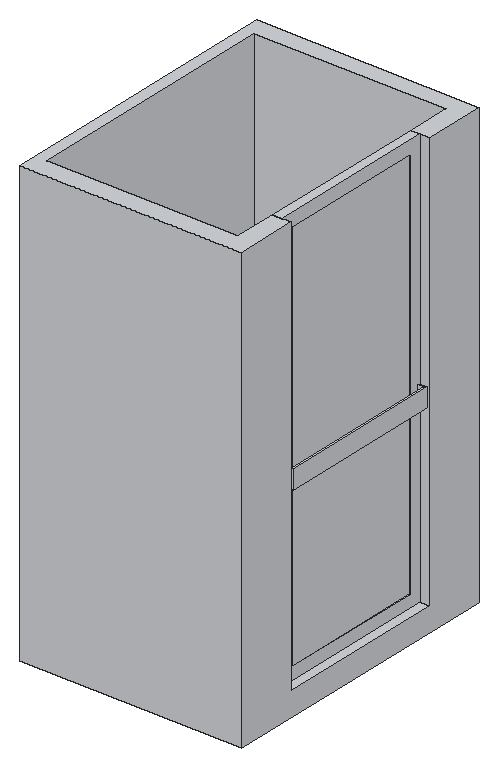
Revit family "880bd7be1d4c4a7f93912e16982e6f9e", category Plumbing Fixtures, Revit 2021
Family settings
  Round Connector Dimension = Use Radius
  Part Type = Normal
  OmniClass Number = 23.45.05.14.21.11
  OmniClass Title = Bath/Shower Units
  Seek Item ID = Shower Stall with Seat - Rectangular-0000-USA-ENU
  Work Plane-Based = No
  Always vertical = Yes
  Cut with Voids When Loaded = No
  Shared = No
  Room Calculation Point = No
Parameters (values of type "48"x36" - Public")
  WFU = 2
  Shower Width = 4' - 0"
  Shower Stall Material = none
  Shower Length = 3' - 0"
  Shower Height = 6' - 0"
  Sanitary Radius = 1"
  Sanitary Diameter = 2 * Sanitary Radius  # 2"
  Hot Water Radius = 1/4"
  Hot Water Diameter = 2 * Hot Water Radius  # 1/2"
  Handle Height = 3' - 0"
  Half Door Width = 1 / 2 * Door Width  # 1' - 2"
  HWFU = 3
  Flow Pressure [instance] = 8.00 psi
  Door Width = 2' - 4"
  Door Material = none
  Door Handel Material = none
  Default Elevation = 0' - 0"
  Cold Water Radius = 1/4"
  Cold Water Diameter = 2 * Cold Water Radius  # 1/2"
  CWFU = 3
Types (3): name | HWFU | CWFU
  (no name) | 3 | 3
  48"x36" - Private | 1 | 1
  48"x36" - Public | 3 | 3
Reference planes (in)
  plane 1 "Center (Front/Back)": y = 0
  plane 2: z = 0
  plane 3 "Center (Left/Right)": x = 0
  plane 4: x = 36
  plane 5: y = 48
  plane 6: z = 72
  plane 7: x = 2
  plane 8: y = 45
  plane 9: y = 3
  plane 10: z = 4
  plane 11: x = 34.5
  plane 12: x = 33
  plane 13: z = 70
  plane 14: z = 6
  plane 15: y = 24
  plane 16: y = 38
  plane 17: y = 10
  plane 18: y = 12
  plane 19: y = 36
  plane 20: x = 34.25
  plane 21: x = 33.75
  plane 22: z = 36
  plane 23: z = 33
  plane 24: y = 37.5
  plane 25: y = 10.5
  plane 26: y = 37.25
  plane 27: x = 35.75
  plane 28: y = 10.75
  plane 29: x = 21.25
  plane 30: x = 9.5
  plane 31: z = 24
  plane 32: x = 20.25
  plane 33: x = 22.25
  plane 34: z = 36
  plane 35: y = 28.5
  plane 36: y = 19.5
Forms (in)
  Extrusion 1, solid, material <- "Shower Stall Material"
    sketch origin (0, 0, 0) x (1, 0, 0) y (0, 1, 0)
      loop
        line (0, 48) -> (0, 0) -> (36, 0) -> (36, 48) -> (0, 48)
    from 0 to 72
  Extrusion 2, void
    sketch origin (0, 0, 0) x (1, 0, 0) y (0, 1, 0)
      loop
        line (2, 45) -> (2, 3) -> (36, 3) -> (36, 45) -> (2, 45)
    from 4 to 72
  Extrusion 3, solid, material <- "Shower Stall Material"
    sketch origin (0, 0, 0) x (1, 0, 0) y (0, 1, 0)
      loop
        line (33, 48) -> (33, 38) -> (36, 38) -> (36, 48) -> (33, 48)
      loop
        line (33, 10) -> (33, 0) -> (36, 0) -> (36, 10) -> (33, 10)
    from 0 to 72
  Extrusion 4, solid, material <- "Shower Stall Material"
    sketch origin (0, 0, 0) x (0, 1, 0) y (0, 0, 1)
      loop
        line (10, 72) -> (10, 4) -> (38, 4) -> (38, 72) -> (10, 72)
      loop
        line (12, 70) -> (12, 6) -> (36, 6) -> (36, 70) -> (12, 70)
    from 33 to 34.5
  Extrusion 5, solid, material <- "Door Material"
    sketch origin (0, 0, 0) x (1, 0, 0) y (0, 1, 0)
      loop
        line (34.25, 36) -> (33.75, 36) -> (33.75, 12) -> (34.25, 12) -> (34.25, 36)
    from 6 to 70
  Extrusion 6, solid, material <- "Door Handel Material"
    sketch origin (0, 0, 0) x (1, 0, 0) y (0, 1, 0)
      loop
        line (34.5, 37.5) -> (34.5, 37.25) -> (35.75, 37.25) -> (35.75, 10.75) -> (34.5, 10.75) -> (34.5, 10.5) -> (36, 10.5) -> (36, 37.5) -> (34.5, 37.5)
    from 33 to 36
  Extrusion 7, solid, material <- "Shower Stall Material"
    sketch origin (0, 0, 0) x (1, 0, 0) y (0, 1, 0)
      loop
        circle (21.25, 24) r 1.25
    from 0 to 4
  Extrusion 8, solid, material <- "Shower Stall Material"
    sketch origin (0, 0, 0) x (1, 0, 0) y (0, 0, 1)
      loop
        arc (4, 24) -> (2.58579, 24.58579) -> (2, 26) r 2
        line (2, 26) -> (2, 33) -> (0, 33) -> (0, 4) -> (9.5, 4) -> (9.5, 22)
        arc (9.5, 22) -> (8.91421, 23.41421) -> (7.5, 24) r 2
        line (7.5, 24) -> (4, 24)
    from -45 to -3
  Extrusion 9, solid, material <- "Shower Stall Material"
    sketch origin (0, 0, 0) x (0, 1, 0) y (0, 0, 1)
      loop
        circle (28.5, 36) r 1
      loop
        circle (19.5, 36) r 1
    from 0 to 2
Cuts and joins
  Extrusion 2 cuts Extrusion 1
  joined: Extrusion 1, Extrusion 3, Extrusion 8, Extrusion 9
Lines and regions (in)
  reference lines
    curve 1: line (9.5, 45, 0) -> (33, 3, 0)
    curve 4: line (33, 45, 0) -> (9.5, 3, 0)
  symbolic lines
    curve 2: line (9.5, 45, 0) -> (20.25, 25.78723, 0)
    curve 3: line (22.25, 22.21277, 0) -> (33, 3, 0)
    curve 5: line (22.25, 25.78723, 0) -> (33, 45, 0)
    curve 6: line (9.5, 3, 0) -> (20.25, 22.21277, 0)
Dimensions and locks (in)
  "Shower Width": plane 5 to plane 1 "Center (Front/Back)"
  "Shower Length": plane 4 to plane 3 "Center (Left/Right)"
  "Shower Height": plane 2 to plane 6
  locked: plane 5 to plane 8 at 3
  locked: plane 3 "Center (Left/Right)" to plane 7 at 2
  locked: plane 9 to plane 1 "Center (Front/Back)" at 3
  locked: plane 10 to plane 2 at 4
  locked: plane 12 to plane 11 at 1.5
  locked: plane 13 to plane 6 at 2
  locked: plane 14 to plane 10 at 2
  locked: plane 12 to plane 4 at 3
  equal spacing: plane 5, plane 15, plane 1 "Center (Front/Back)"
  "Half Door Width": plane 16 to plane 15
  "Half Door Width": plane 15 to plane 17
  locked: plane 17 to plane 18 at 2
  locked: plane 19 to plane 16 at 2
  locked: plane 20 to plane 11 at 0.25
  locked: plane 21 to plane 20 at 0.5
  "Handle Height": plane 22 to plane 2
  locked: plane 22 to plane 23 at 3
  locked: plane 16 to plane 24 at 0.5
  locked: plane 25 to plane 17 at 0.5
  locked: plane 28 to plane 25 at 0.25
  locked: plane 24 to plane 26 at 0.25
  locked: plane 27 to plane 4 at 0.25
  locked: plane 7 to plane 30 at 7.5
  locked: plane 31 to plane 2 at 24
  equal spacing: plane 30, plane 29, plane 12
  plane 32 to plane 29 to plane 33 = 0' - 1" locked, 0' - 1" locked
  locked: plane 34 to plane 2 at 36
  plane 35 to plane 15 to plane 36 = 0' - 4 1/2" locked, 0' - 4 1/2" locked
  radius of Extrusion 7 sketch curve = 0' - 1 1/4"
  aligned and locked: plane 3 "Center (Left/Right)" to Extrusion 1 sketch curve
  aligned and locked: Extrusion 1 sketch curve to plane 5
  aligned and locked: plane 1 "Center (Front/Back)" to Extrusion 1 sketch curve
  aligned and locked: Extrusion 1 sketch curve to plane 4
  aligned and locked: Extrusion 1 to plane 2
  aligned and locked: Extrusion 1 to plane 6
  aligned and locked: plane 7 to Extrusion 2 sketch curve
  aligned and locked: Extrusion 2 sketch curve to plane 8
  aligned and locked: Extrusion 2 sketch curve to plane 9
  aligned and locked: Extrusion 2 sketch curve to plane 4
  aligned and locked: Extrusion 2 to plane 6
  aligned and locked: Extrusion 2 to plane 10
  aligned and locked: plane 12 to Extrusion 3 sketch curve  (x2)
  aligned and locked: Extrusion 3 sketch curve to plane 5
  aligned and locked: plane 16 to Extrusion 3 sketch curve
  aligned and locked: Extrusion 3 sketch curve to plane 4
  aligned and locked: Extrusion 3 sketch curve to plane 17
  aligned and locked: cut or joined group of Extrusion 1, Extrusion 2, Extrusion 3, Extrusion 8, Extrusion 9 to Extrusion 3 sketch curve
  aligned and locked: Extrusion 3 sketch curve to cut or joined group of Extrusion 1, Extrusion 2, Extrusion 3, Extrusion 8, Extrusion 9
  aligned and locked: Extrusion 3 to plane 2
  aligned and locked: Extrusion 3 to plane 6
  aligned and locked: cut or joined group of Extrusion 1, Extrusion 2, Extrusion 3, Extrusion 8, Extrusion 9 to Extrusion 4 sketch curve
  aligned and locked: Extrusion 4 sketch curve to cut or joined group of Extrusion 1, Extrusion 2, Extrusion 3, Extrusion 8, Extrusion 9  (x3)
  aligned and locked: plane 18 to Extrusion 4 sketch curve
  aligned and locked: plane 13 to Extrusion 4 sketch curve
  aligned and locked: plane 14 to Extrusion 4 sketch curve
  aligned and locked: Extrusion 4 sketch curve to plane 19
  aligned and locked: Extrusion 4 to plane 12
  aligned and locked: plane 11 to Extrusion 4
  aligned and locked: plane 19 to Extrusion 5 sketch curve
  aligned and locked: plane 20 to Extrusion 5 sketch curve
  aligned and locked: Extrusion 5 sketch curve to plane 21
  aligned and locked: Extrusion 5 sketch curve to plane 18
  aligned and locked: Extrusion 5 to plane 13
  aligned and locked: Extrusion 5 to plane 14
  aligned and locked: plane 11 to Extrusion 6 sketch curve
  aligned and locked: Extrusion 6 sketch curve to plane 24
  aligned and locked: plane 25 to Extrusion 6 sketch curve
  aligned and locked: Extrusion 6 sketch curve to plane 4
  aligned and locked: plane 27 to Extrusion 6 sketch curve
  aligned and locked: plane 26 to Extrusion 6 sketch curve
  aligned and locked: Extrusion 6 sketch curve to plane 28
  aligned and locked: Extrusion 4 to Extrusion 6 sketch curve  (x2)
  aligned and locked: plane 22 to Extrusion 6
  aligned and locked: Extrusion 6 to plane 23
  aligned and locked: plane 15 to Extrusion 7 sketch curve
  aligned and locked: plane 29 to Extrusion 7 sketch curve
  aligned and locked: Extrusion 7 to plane 2
  aligned and locked: plane 10 to Extrusion 7
  aligned and locked: Extrusion 8 sketch curve to plane 31
  aligned and locked: plane 10 to Extrusion 8 sketch curve
  aligned and locked: Extrusion 8 sketch curve to plane 30
  aligned and locked: plane 3 "Center (Left/Right)" to Extrusion 8 sketch curve
  aligned and locked: plane 23 to Extrusion 8 sketch curve
  aligned and locked: plane 7 to Extrusion 8 sketch curve
  aligned and locked: plane 8 to Extrusion 8
  aligned and locked: Extrusion 8 to plane 9
  aligned and locked: plane 8 to curve 1
  aligned and locked: plane 30 to curve 1
  aligned and locked: plane 9 to curve 1
  aligned and locked: plane 12 to curve 1
  aligned and locked: curve 1 to curve 2
  aligned and locked: plane 30 to curve 2
  aligned and locked: plane 32 to curve 2
  aligned and locked: curve 1 to curve 3
  aligned and locked: plane 33 to curve 3
  aligned and locked: plane 12 to curve 3
  aligned and locked: plane 8 to curve 4
  aligned and locked: plane 12 to curve 4
  aligned and locked: plane 9 to curve 4
  aligned and locked: plane 30 to curve 4
  aligned and locked: curve 5 to curve 4
  aligned and locked: plane 33 to curve 5
  aligned and locked: plane 8 to curve 5
  aligned and locked: curve 6 to curve 4
  aligned and locked: plane 32 to curve 6
  aligned and locked: plane 30 to curve 6
  aligned and locked: plane 34 to Extrusion 9 sketch curve  (x2)
  aligned and locked: plane 35 to Extrusion 9 sketch curve
  aligned and locked: plane 36 to Extrusion 9 sketch curve
  aligned and locked: Extrusion 9 to plane 3 "Center (Left/Right)"
  aligned and locked: plane 7 to Extrusion 9
Automatic sketch dimensions
  plane 7 to Extrusion 8 sketch curve = 0' - 2"
  Extrusion 8 sketch curve to Extrusion 8 sketch curve = 0' - 2"
  radius of Extrusion 9 sketch curve = 0' - 1"  (x2)
Connectors (in)
  piping at (21.25, 24, 0), diameter 2, driven by "WFU", driven by "Sanitary Radius"
    settings: on Extrusion 7, index 1, connector inside diameter 2", connector length 0' - 0", flow factor 0, pipe flow 0 GPM, pressure drop 0.00 psi, fitting loss kfactor 0, connector angle 0.00°, fixture units 2, engagement length 0' - 0", angle of deflection 0.00°, flow configuration 3, flow direction 2, fitting loss method 0, system type 16, joint type 0, gender type 0, connector reference index -1, connector utility 0, adjustable connector no, is connector primary no, connector description "Out"
  piping at (0, 28.5, 36), diameter 0.5, driven by "CWFU", driven by "Cold Water Radius", driven by "Flow Pressure"
    settings: on Extrusion 9, index 2, connector inside diameter 1/2", connector length 0' - 0", flow factor 0, pipe flow 0 GPM, pressure drop 8.00 psi, fitting loss kfactor 0, connector angle 0.00°, fixture units 3, engagement length 0' - 0", angle of deflection 0.00°, flow configuration 3, flow direction 1, fitting loss method 4, system type 20, joint type 0, gender type 0, connector reference index -1, connector utility 0, adjustable connector no, is connector primary yes, connector description "In"
  piping at (0, 19.5, 36), diameter 0.5, driven by "HWFU", driven by "Flow Pressure", driven by "Hot Water Radius"
    settings: on Extrusion 9, index 3, connector inside diameter 1/2", connector length 0' - 0", flow factor 0, pipe flow 0 GPM, pressure drop 8.00 psi, fitting loss kfactor 0, connector angle 0.00°, fixture units 3, engagement length 0' - 0", angle of deflection 0.00°, flow configuration 3, flow direction 1, fitting loss method 4, system type 19, joint type 0, gender type 0, connector reference index -1, connector utility 0, adjustable connector no, is connector primary no, connector description "In"
